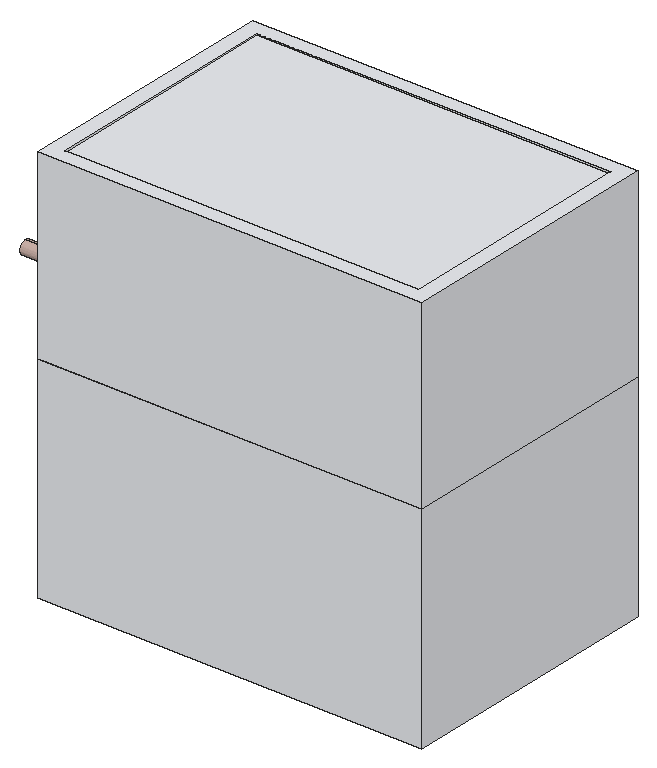
Revit family "cAssembly-Unico-M_Series-Vertical-Blower+Hot_Water_Coil-Down-Flow", category Mechanical Equipment, Revit 2020
Family settings
  Round Connector Dimension = Use Diameter
  Classification = None
  Part Type = Normal
  OmniClass Number = 23.75.70.00
  OmniClass Title = HVAC Distribution Devices
  Work Plane-Based = No
  Always vertical = Yes
  Cut with Voids When Loaded = No
  Shared = No
  Room Calculation Point = No
Parameters (values of type "M2430")
  Water Outlet Diameter = size_lookup(C LUT Heating, "WCD", 1", Constraints)  # 7/8"
  Water Inlet Diameter = size_lookup(C LUT Heating, "WCD", 1", Constraints)  # 7/8"
  Warranty URL = "https://www.unicosystem.com/wp-content/uploads/2022/08/Bulletin-10-010.pdf"
  Voltage [instance] = 208 V
  Video Link = "https://www.youtube.com/watch?v=aUAUzyZZRxY&themeRefresh=1"
  Version = "2020 - v1.0a"  # constant formula
  URL = "https://www.unicosystem.com/"
  Support Phone [instance] = "(224) 699-9545"  # constant formula
  Support Email [instance] = "support@bimsmith.com"
  Return Width = size_lookup(C LUT Heating, "CW", 1", Constraints)  # 23"
  Return Height = size_lookup(C LUT Heating, "CH", 1", Constraints)  # 15.6"
  Product Page URL = "https://shop.unicosystem.com/indoor-units/modular-blowers"
  Product Documentation Link = ""
  Power Factor = 1  # constant formula
  Performance URL = "https://www.unicosystem.com/literature-media/"
  Optional Condensate Trap [instance] = 1 = 0  # no
  Number of Poles = 1  # constant formula
  Model = size_lookup(C LUT Blower, "Model", "N/A", Constraints)  # "M2430"
  Manufacturer Phone Number = "314-481-9000"  # constant formula
  Manufacturer Fax Number = "314-457-9000"  # constant formula
  Manufacturer Email = "https://www.unicosystem.com/customer-%20support/"
  Manufacturer Address = "1120 Intagliata Drive Arnold, MO 63010"  # constant formula
  Manufacturer = "Unico, Inc."  # constant formula
  Load Classification = HVAC
  Keynote = "23 30 00"
  Instruction Sheet Link = "https://www.unicosystem.com/wp-content/uploads/2024/01/Bulletin-30-020.pdf"
  Frequency = 60 Hz  # constant formula
  Finish = Metal - Unico - Silver
  Drain Connection Diameter = size_lookup(C LUT Heating, "DD", 1", Constraints)  # 3/4"
  Description = "Blower Module"  # constant formula
  Default Elevation = 0"
  Copyright = "© 2022 The Unico System. All rights reserved."  # constant formula
  Heating Module Width = size_lookup(C LUT Heating, "Width", 1", Constraints)  # 12"
  Heating Module Length = size_lookup(C LUT Heating, "Length", 1", Constraints)  # 25"
  Heating Module Height = size_lookup(C LUT Heating, "Height", 1", Constraints)  # 17 1/2"
  Constraints = 2
  C VC Mid Depth = Blower Height / 2  # 8 3/4"
  C LUT VDC = "Size-VDC"  # constant formula
  C LUT VC = "Size-VC"  # constant formula
  C LUT Return = "Size-RC"  # constant formula
  C LUT RM = "Size-RM"  # constant formula
  C LUT Heating = "Size-HM"  # constant formula
  C LUT Blower = "Size-Unico"  # constant formula
  C Drain Pan = 0"  # constant formula
  Blower Width = size_lookup(C LUT Blower, "Width", 1", Constraints)  # 13.93"
  Blower Length = size_lookup(C LUT Blower, "Length", 1", Constraints)  # 25"
  Blower Height = size_lookup(C LUT Blower, "Height", 1", Constraints)  # 17 1/2"
  Blower Connection Width = size_lookup(C LUT Blower, "Outlet Width", 1", Constraints)  # 6"
  Blower Connection Height = size_lookup(C LUT Blower, "Outlet Height", 1", Constraints)  # 6.38"
  Assembly Code = "D3040100"
  Apparent Load = 208 VA
  Alternate Control Box Location = 1 = 0  # no
Types (5): name | Return Width | Model | Heating Module Length | Constraints | Blower Width | Blower Length | Blower Connection Width
  (no name) | 23" | "M2430" | 25" | 2 | 13.93" | 25" | 6"
  M2430 | 23" | "M2430" | 25" | 2 | 13.93" | 25" | 6"
  M3036 | 28" | "M3036" | 30" | 3 | 13.91" | 30" | 7.24"
  M3642 | 36" | "M3642" | 38" | 4 | 13.93" | 38" | 7.16"
  M4860 | 36" | "M4860" | 38" | 5 | 13.91" | 38" | 9.92"
Reference planes (in)
  plane 1 "Center (Front/Back)": y = 0
  plane 2: z = 0
  plane 3 "Center (Left/Right)": x = 0
  plane 4: z = 13.93
Dimensions and locks (in)
  "Blower Width": plane 4 to plane 2
  aligned and locked: plane 2 to level
  aligned and locked: plane 3 "Center (Left/Right)" to nested 1
  aligned and locked: nested 2 to plane 3 "Center (Left/Right)"
  aligned and locked: nested 2 to plane 1 "Center (Front/Back)"
  aligned and locked: plane 1 "Center (Front/Back)" to nested 1
  aligned and locked: level to nested 2
  aligned and locked: plane 4 to nested 1
Nested families (in)
  nested 1: "Nested - Hot Coil" at (-12.5, -8.75, 13.93) x (0, 0, 1) z (0, 1, 0), type "Default"
    with Connector no
  nested 2: "Nested - Geo" at (0, -8.75, 6.965) x (0, 0, 1) z (0, 1, 0), type "Default"
Connectors (in)
  hvac at (0, 0, 25.93), driven by "Return Width", driven by "Return Height"
    settings: on nested 1, index 2, duct flow 0 CFM, flow factor 0, pres drop 0.00 in-wg, loss coef 0, conn angle 0.00°, conn width 15.6", conn height 23", conn diameter 24", duct sys type 2, conn prof type 1, flow config 0, flow direction 1, loss method 0, conn ref index -1, conn util no, is conn primary yes, conn desc "Return Connection"
  piping at (-15.3, 6.05, 21.53), diameter 0.875, driven by "Water Inlet Diameter"
    settings: on nested 1, index 3, connector inside diameter 24", connector length 0", flow factor 0, pipe flow 0 GPM, pressure drop 0.00 psi, fitting loss kfactor 0, connector angle 0.00°, fixture units 0, engagement length 0", angle of deflection 0.00°, flow configuration 0, flow direction 2, fitting loss method 0, system type 22, joint type 0, gender type 0, connector reference index -1, connector utility 0, adjustable connector no, is connector primary yes, connector description "Coil Connection"
  piping at (-15.3, -6.25, 18.33), diameter 0.875, driven by "Water Inlet Diameter"
    settings: on nested 1, index 4, connector inside diameter 24", connector length 0", flow factor 0, pipe flow 0 GPM, pressure drop 0.00 psi, fitting loss kfactor 0, connector angle 0.00°, fixture units 0, engagement length 0", angle of deflection 0.00°, flow configuration 0, flow direction 1, fitting loss method 0, system type 22, joint type 0, gender type 0, connector reference index -1, connector utility 0, adjustable connector no, is connector primary no, connector description "Coil Connection"
  hvac at (-0.07, -4.56, 0.06), driven by "Blower Connection Width", driven by "Blower Connection Height"
    settings: on nested 2, index 5, duct flow 0 CFM, flow factor 0, pres drop 0.00 in-wg, loss coef 0, conn angle 0.00°, conn width 6.38", conn height 6", conn diameter 24", duct sys type 1, conn prof type 1, flow config 0, flow direction 2, loss method 0, conn ref index -1, conn util no, is conn primary no, conn desc "Supply Connection"
  electrical at (-7.585, 13.04, 3.81), driven by "Number of Poles", driven by "Load Classification", driven by "Voltage", driven by "Apparent Load", driven by "Power Factor"
    settings: on nested 2, index 6, voltage 208 V, apparent load 0 VA, apparent load phase1 208 VA, apparent load phase2 0 VA, apparent load phase3 0 VA, power factor 1, load classification "HVAC", number of poles 1, system type 31, power factor state 1, is connector primary yes, connector utility no, sub classification motor no, connector description "Electrical Connector"
Definition of nested family "Nested - Hot Coil"
  Parameters (values of type "Default")
    Width = size_lookup("Size-HM", "Width", 3/4", Constraint)  # 12"
    Water Out Side = size_lookup("Size-HM", "WOS", 3/4", Constraint)  # 4.4"
    Water In Side = size_lookup("Size-HM", "WIS", 3/4", Constraint)  # 4.4"
    Water Height Up = size_lookup("Size-HM", "WHU", 3/4", Constraint)  # 2.7"
    Water Height = size_lookup("Size-HM", "WH", 3/4", Constraint)  # 2 1/2"
    Water Connection Length = size_lookup("Size-HM", "WL", 3/4", Constraint)  # 2.8"
    Water Connection Diameter Up = size_lookup("Size-HM", "WCU", 3/4", Constraint)  # 3/8"
    Water Connection Diameter = size_lookup("Size-HM", "WCD", 3/4", Constraint)  # 7/8"
    Spacer = if(Constraint = 5, 6", 0")  # 0"
    Side Thickness = 1"  # constant formula
    Length = size_lookup("Size-HM", "Length", 3/4", Constraint)  # 25"
    Height = size_lookup("Size-HM", "Height", 3/4", Constraint)  # 17 1/2"
    Finish = none
    Drain Side = size_lookup("Size-HM", "DS", 3/4", Constraint)  # 4.47"
    Drain Length = size_lookup("Size-HM", "DL", 3/4", Constraint)  # 1"
    Drain Height = size_lookup("Size-HM", "DH", 3/4", Constraint)  # 2.9"
    Drain Diameter = size_lookup("Size-HM", "DD", 3/4", Constraint)  # 3/4"
    Default Elevation = 0"
    Constraint = 2
    Connector [instance] = yes
    Connection Width = size_lookup("Size-HM", "CW", 3/4", Constraint)  # 23"
    Connection Height = size_lookup("Size-HM", "CH", 3/4", Constraint)  # 15.6"
  Reference planes (in)
    plane 1 "Center (Front/Back)": y = 0
    plane 2: z = 0
    plane 3 "Center (Left/Right)": x = 0
    plane 4: y = 25
    plane 5: x = 12
    plane 6: z = 17.5
    plane 7: x = 4.4
    plane 8: x = 7.6
    plane 9: y = -2.8
    plane 10: y = -1
    plane 11: y = 12.5
    plane 12: z = 2.5
    plane 13: z = 14.8
    plane 14: z = 8.75
  Forms (in)
    Extrusion 1, solid, material <- "Finish"
      sketch origin (0, 0, 0) x (1, 0, 0) y (0, 1, 0)
        loop
          line (12, 25) -> (0, 25) -> (0, 0) -> (12, 0) -> (12, 25)
      from 0 to 17.5
    Extrusion 2, solid
      sketch origin (0, 0, 0) x (1, 0, 0) y (0, 0, 1)
        loop
          circle (7.6, 14.8) r 0.4375
        loop
          circle (4.4, 2.5) r 0.4375
      from 0 to 2.8
    Extrusion 3, void
      sketch origin (12, 29.29303, 48) x (0, 1, 0) y (0, 0, 1)
        loop
          line (-5.29303, -31.45) -> (-28.29303, -31.45) -> (-28.29303, -47.05) -> (-5.29303, -47.05) -> (-5.29303, -31.45)
      from 0 to -0.10156
    Extrusion 4, solid, material <- "Finish", visible <- "Connector"
      sketch origin (11.89844, 29.29303, 48) x (0, 1, 0) y (0, 0, 1)
        loop
          circle (-16.79303, -39.25) r 1.25
      from 0 to 0.10156
  Cuts and joins
    Extrusion 3 cuts Extrusion 1
  Dimensions and locks (in)
    plane 6 to plane 2 = 17 1/2"
    "Width": plane 3 "Center (Left/Right)" to plane 5
    "Length": plane 1 "Center (Front/Back)" to plane 4
    "Height": plane 6 to plane 2
    "Drain Length": plane 1 "Center (Front/Back)" to plane 10
    "Water Connection Length": plane 1 "Center (Front/Back)" to plane 9
    equal spacing: plane 1 "Center (Front/Back)", plane 11, plane 4
    plane 3 "Center (Left/Right)" to plane 5 = 12"
    plane 6 to level = 17 1/2"  (x3)
    "Water Height": plane 12 to plane 2
    "Water In Side": plane 5 to plane 8
    "Water Height Up": plane 6 to plane 13
    "Water Out Side": plane 7 to plane 3 "Center (Left/Right)"
    equal spacing: plane 6, plane 14, level
    equal spacing: Extrusion 3 sketch curve, plane 11, Extrusion 3 sketch curve
    equal spacing: Extrusion 3 sketch curve, plane 14, Extrusion 3 sketch curve
    "Connection Width": Extrusion 3 sketch curve to Extrusion 3 sketch curve
    "Connection Height": Extrusion 3 sketch curve to Extrusion 3 sketch curve
    "Water Connection Diameter": diameter of Extrusion 2 sketch curve  (x2)
    aligned and locked: plane 2 to level
    aligned and locked: plane 4 to Extrusion 1 sketch curve
    aligned and locked: plane 5 to Extrusion 1 sketch curve
    aligned and locked: plane 1 "Center (Front/Back)" to Extrusion 1 sketch curve
    aligned and locked: Extrusion 1 sketch curve to plane 3 "Center (Left/Right)"
    aligned and locked: plane 6 to Extrusion 1
    aligned and locked: plane 9 to Extrusion 2
    aligned and locked: plane 13 to Extrusion 2 sketch curve
    aligned and locked: plane 7 to Extrusion 2 sketch curve
    aligned and locked: plane 8 to Extrusion 2 sketch curve
    aligned and locked: plane 11 to Extrusion 4 sketch curve
    aligned and locked: plane 14 to Extrusion 4 sketch curve
  Automatic sketch dimensions
    Extrusion 2 sketch curve to plane 12 = 0"
    radius of Extrusion 4 sketch curve = 1 1/4"
Definition of nested family "Nested - Geo"
  Parameters (values of type "Default")
    Width = size_lookup("Size-Unico", "Width", 1", Constraints)  # 13.93"
    Top CB = not(Front CB)  # yes
    Side Thickness = 1/8"  # constant formula
    Side CB = and(not(Constraints = 1), Alternate Location)  # no
    Length = size_lookup("Size-Unico", "Length", 1", Constraints)  # 25"
    Inlet Width = Length - 2 * Inlet Frame  # 23"
    Inlet Height = Height - 2 * Inlet Frame  # 15 1/2"
    Inlet Frame = 1"  # constant formula
    Height = size_lookup("Size-Unico", "Height", 1", Constraints)  # 17 1/2"
    Front CB = Constraints = 1  # no
    Finish = none
    Default Elevation = 48"
    Constraints = 2
    CB Width = size_lookup("Size-Unico", "CB Width", 1", Constraints)  # 7.62"
    CB Side Offset = Side Thickness  # 1/8"
    CB Length = size_lookup("Size-Unico", "CB Length", 1", Constraints)  # 9.58"
    CB Height Offset = if(Constraints = 1, 1", Side Thickness)  # 1/8"
    CB Height = size_lookup("Size-Unico", "CB Height", 1", Constraints)  # 4.29"
    CB Front Offset = if(Constraints = 1, Width / 2, Side Thickness + CB Width / 2)  # 3.935"
    Blower Width = size_lookup("Size-Unico", "Outlet Width", 1", Constraints)  # 6"
    Blower Side Offset = size_lookup("Size-Unico", "Blower Side Offset", 1", Constraints)  # 9.43"
    Blower Height = size_lookup("Size-Unico", "Outlet Height", 1", Constraints)  # 6.38"
    Blower Bottom Offset = size_lookup("Size-Unico", "Blower Bottom Offset", 1", Constraints)  # 1"
    Back CB = and(Constraints = 1, Alternate Location)  # no
    Alternate Location = no
  Reference planes (in)
    plane 1 "Center (Front/Back)": y = 0
    plane 2: z = 0
    plane 3 "Center (Left/Right)": x = 0
    plane 4: y = 12.5
    plane 5: x = 6.965
    plane 6: y = -12.5
    plane 7: x = -6.965
    plane 8: z = 17.5
    plane 9: x = 6.84
    plane 10: x = -6.84
    plane 11: y = -12.375
    plane 12: y = 12.375
    plane 13: z = 17.375
    plane 14: z = 0.125
    plane 15: z = 1.44
    plane 16: z = 8.75
  Forms (in)
    Extrusion 1, solid, material <- "Finish"
      sketch origin (0, 0, 0) x (1, 0, 0) y (0, 1, 0)
        loop
          line (-6.965, 12.5) -> (-6.965, -12.5) -> (6.965, -12.5) -> (6.965, 12.5) -> (-6.965, 12.5)
      from 0 to 0.125
    Extrusion 2, solid, material <- "Finish"
      sketch origin (0, 0, 0) x (1, 0, 0) y (0, 1, 0)
        loop
          line (-6.965, 12.5) -> (-6.965, -12.5) -> (6.965, -12.5) -> (6.965, 12.5) -> (-6.965, 12.5)
      from 17.375 to 17.5
    Extrusion 3, solid, material <- "Finish"
      sketch origin (0, 0, 0) x (1, 0, 0) y (0, 1, 0)
        loop
          line (-6.84, 12.375) -> (-6.84, -12.375) -> (6.84, -12.375) -> (6.84, 12.375) -> (-6.84, 12.375)
        loop
          line (6.965, -12.5) -> (6.965, 12.5) -> (-6.965, 12.5) -> (-6.965, -12.5) -> (6.965, -12.5)
      from 0.125 to 17.375
    Extrusion 4, void
      sketch origin (6.965, 30.98764, 48) x (0, 1, 0) y (0, 0, 1)
        loop
          line (-42.48764, -31.5) -> (-42.48764, -47) -> (-19.48764, -47) -> (-19.48764, -31.5) -> (-42.48764, -31.5)
      from 0 to -0.0625
    Extrusion 5, void
      sketch origin (-6.965, 30.98764, 48) x (0, 1, 0) y (0, 0, 1)
        loop
          line (-28.05764, -47) -> (-28.05764, -40.62) -> (-34.05764, -40.62) -> (-34.05764, -47) -> (-28.05764, -47)
      from 0 to 0.06
  Cuts and joins
    Extrusion 5 cuts Extrusion 1
    Extrusion 4, Extrusion 5 cuts Extrusion 2
    Extrusion 4, Extrusion 5 cuts Extrusion 3
    joined: Extrusion 1, Extrusion 2, Extrusion 3
  Lines and regions (in)
    reference lines
      curve 1: line (0, -17.84438, 16.5) -> (0, 18.65958, 16.5)
      curve 2: line (0, 11.5, 21.4046) -> (0, 11.5, -3.99247)
      curve 3: line (0, -17.84438, 1) -> (0, 16.65958, 1)
      curve 4: line (0, -11.5, 20.85454) -> (0, -11.5, -3.99247)
      curve 5: line (0, -3.07, 21.62212) -> (0, -3.07, -1.77495)
      curve 6: line (0, 2.93, 22.64366) -> (0, 2.93, -2.25341)
      curve 7: line (0, 18.79175, 7.38) -> (0, -24.46221, 7.38)
      curve 8: line (0, 19.69542, 1) -> (0, -23.30855, 1)
      curve 9: line (-3.03, 21.56055, 0) -> (-3.03, -25.94341, 0)
      curve 10: line (-3.09044, 0, 34.43161) -> (-3.09044, 0, -4.46546)
      curve 11: line (-18.109, -12.375, 0) -> (19.65049, -12.375, 0)
      curve 12: line (-23.26251, 0, 17.375) -> (13.74697, 0, 17.375)
  Dimensions and locks (in)
    equal spacing: plane 7, plane 3 "Center (Left/Right)", plane 5
    equal spacing: plane 4, plane 1 "Center (Front/Back)", plane 6
    "Width": plane 7 to plane 5
    "Length": plane 6 to plane 4
    "Height": plane 8 to level
    "Side Thickness": plane 4 to plane 12
    "Side Thickness": plane 6 to plane 11
    "Side Thickness": plane 9 to plane 5
    "Side Thickness": plane 7 to plane 10
    "Side Thickness": plane 14 to level
    "Side Thickness": plane 8 to plane 13
    "Inlet Frame": plane 6 to curve 4
    "Inlet Frame": curve 3 to level
    "Inlet Height": curve 3 to curve 1
    "Inlet Width": curve 4 to curve 2
    "Blower Bottom Offset": curve 8 to level
    "Blower Height": curve 8 to curve 7
    "Blower Side Offset": curve 5 to plane 6
    "Blower Width": curve 6 to curve 5
    "CB Front Offset": plane 7 to curve 9
    "CB Side Offset": plane 6 to curve 11
    "CB Height Offset": plane 8 to curve 12
    locked: plane 15 to curve 11 at 1.44
    equal spacing: plane 8, plane 16, level
    aligned and locked: plane 2 to level
    aligned and locked: Extrusion 1 sketch curve to plane 4
    aligned and locked: plane 7 to Extrusion 1 sketch curve
    aligned and locked: Extrusion 1 sketch curve to plane 6
    aligned and locked: Extrusion 1 sketch curve to plane 5
    aligned and locked: Extrusion 1 to level
    aligned and locked: plane 14 to Extrusion 1
    aligned and locked: Extrusion 2 sketch curve to plane 4
    aligned and locked: plane 7 to Extrusion 2 sketch curve
    aligned and locked: Extrusion 2 sketch curve to plane 6
    aligned and locked: Extrusion 2 sketch curve to plane 5
    aligned and locked: plane 8 to Extrusion 2
    aligned and locked: Extrusion 2 to plane 13
    aligned and locked: Extrusion 3 sketch curve to plane 12
    aligned and locked: plane 10 to Extrusion 3 sketch curve
    aligned and locked: plane 11 to Extrusion 3 sketch curve
    aligned and locked: Extrusion 3 sketch curve to plane 9
    aligned and locked: Extrusion 3 sketch curve to plane 6
    aligned and locked: Extrusion 3 sketch curve to plane 5
    aligned and locked: Extrusion 3 sketch curve to plane 4
    aligned and locked: plane 7 to Extrusion 3 sketch curve
    aligned and locked: Extrusion 3 to plane 14
    aligned and locked: plane 13 to Extrusion 3
    aligned and locked: curve 1 to Extrusion 4 sketch curve
    aligned and locked: Extrusion 4 sketch curve to curve 4
    aligned and locked: Extrusion 4 sketch curve to curve 3
    aligned and locked: curve 2 to Extrusion 4 sketch curve
    aligned and locked: curve 8 to Extrusion 5 sketch curve
    aligned and locked: curve 6 to Extrusion 5 sketch curve
    aligned and locked: Extrusion 5 sketch curve to curve 7
    aligned and locked: Extrusion 5 sketch curve to curve 5
    aligned and locked: curve 11 to nested 1
    aligned and locked: plane 7 to nested 1
    aligned and locked: plane 15 to nested 2
    aligned and locked: nested 2 to plane 3 "Center (Left/Right)"
  Automatic sketch dimensions
    plane 6 to curve 3 = 5.34438"
    plane 6 to curve 1 = 5.34438"
    curve 8 to curve 3 = 5.46416"
    curve 7 to curve 8 = 1.15367"
    plane 4 to curve 3 = 4.15958"
    plane 4 to curve 1 = 6.15958"
    plane 4 to curve 7 = 6.29175"
    curve 3 to curve 8 = 3.03584"
    curve 5 to level = 1.77495"
    curve 6 to level = 2.25341"
    curve 4 to level = 3.99247"
    curve 2 to level = 3.99247"
    plane 8 to curve 4 = 3.35454"
    plane 8 to curve 2 = 3.9046"
    plane 8 to curve 5 = 4.12212"
    plane 8 to curve 6 = 5.14366"
    curve 11 to plane 7 = 11.144"
    plane 5 to curve 11 = 12.68549"
    plane 6 to curve 9 = 13.44341"
    plane 4 to curve 9 = 9.06055"
    curve 12 to plane 7 = 16.29751"
    curve 10 to plane 3 "Center (Left/Right)" = 3.09044"
    plane 5 to curve 12 = 6.78197"
    curve 10 to level = 4.46546"
    plane 8 to curve 10 = 16.93161"
  Nested families (in)
    nested 1: "Nested - CB" at (-6.965, -12.375, 17.5), visible <- "Top CB", type "Default"
      with Width 7.62", Length 9.58", Height 4.29"
    nested 2: "Nested - CB" at (4.79, -12.5, 1.44) x (0, 0, 1) z (0, -1, 0), visible <- "Front CB", type "Default"
      with Width 7.62", Length 9.58", Height 4.29"
  Definition of nested family "Nested - CB"
    Parameters (values of type "Family2")
      Width = 8.75314"
      Length = 10.69303"
      Height = 6.06043"
      Finish = none
      Default Elevation = 48"
    Reference planes (in)
      plane 1 "Center (Front/Back)": y = 0
      plane 2: z = 0
      plane 3 "Center (Left/Right)": x = 0
      plane 4: y = 10.69303
      plane 5: x = 8.75314
      plane 6: z = 6.06043
      plane 7: x = 4.37657
      plane 8: y = 5.34651
    Forms (in)
      Extrusion 1, solid, material <- "Finish"
        sketch origin (0, 0, 0) x (1, 0, 0) y (0, 1, 0)
          loop
            line (0, 0) -> (8.75314, 0) -> (8.75314, 10.69303) -> (0, 10.69303) -> (0, 0)
        from 0 to 6.06043
    Dimensions and locks (in)
      "Length": plane 1 "Center (Front/Back)" to plane 4
      "Width": plane 3 "Center (Left/Right)" to plane 5
      "Height": plane 6 to level
      equal spacing: plane 3 "Center (Left/Right)", plane 7, plane 5
      equal spacing: plane 1 "Center (Front/Back)", plane 8, plane 4
      aligned and locked: plane 2 to level
      aligned and locked: plane 1 "Center (Front/Back)" to Extrusion 1 sketch curve
      aligned and locked: Extrusion 1 sketch curve to plane 3 "Center (Left/Right)"
      aligned and locked: plane 4 to Extrusion 1 sketch curve
      aligned and locked: plane 5 to Extrusion 1 sketch curve
      aligned and locked: plane 6 to Extrusion 1
